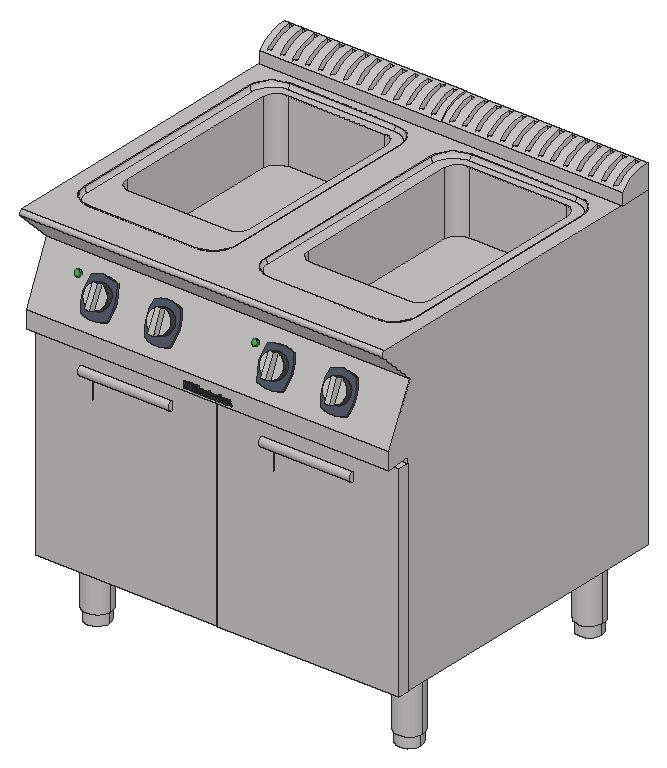
Revit family "QF_ELECTROLUXPROFESSIONAL_371353_E7OOBDBAME", category Specialty Equipment, Revit 2018 (continued)
Automatic sketch dimensions
  Extrusion 31 sketch curve to plane 1 "BACK" = 6.761 mm
  Extrusion 31 sketch curve to plane 7 "Center Y" = 182.405 mm
  Extrusion 31 sketch curve to Extrusion 31 sketch curve = 9.296 mm
  Extrusion 31 sketch curve to Extrusion 31 sketch curve = 57.15 mm
  Extrusion 32 sketch curve to plane 1 "BACK" = 6.761 mm
  Extrusion 32 sketch curve to plane 7 "Center Y" = 154.563 mm
  Extrusion 32 sketch curve to Extrusion 32 sketch curve = 9.296 mm
  Extrusion 32 sketch curve to Extrusion 32 sketch curve = 57.15 mm
  Extrusion 33 sketch curve to plane 1 "BACK" = 6.761 mm
  Extrusion 33 sketch curve to plane 7 "Center Y" = 126.721 mm
  Extrusion 33 sketch curve to Extrusion 33 sketch curve = 9.296 mm
  Extrusion 33 sketch curve to Extrusion 33 sketch curve = 57.15 mm
  Extrusion 34 sketch curve to plane 1 "BACK" = 6.761 mm
  Extrusion 34 sketch curve to plane 7 "Center Y" = 98.878 mm
  Extrusion 34 sketch curve to Extrusion 34 sketch curve = 9.296 mm
  Extrusion 34 sketch curve to Extrusion 34 sketch curve = 57.15 mm
  Extrusion 35 sketch curve to plane 1 "BACK" = 6.761 mm
  Extrusion 35 sketch curve to plane 7 "Center Y" = 71.036 mm
  Extrusion 35 sketch curve to Extrusion 35 sketch curve = 9.296 mm
  Extrusion 35 sketch curve to Extrusion 35 sketch curve = 57.15 mm
  Extrusion 36 sketch curve to plane 1 "BACK" = 6.761 mm
  Extrusion 36 sketch curve to plane 7 "Center Y" = 43.194 mm
  Extrusion 36 sketch curve to Extrusion 36 sketch curve = 9.296 mm
  Extrusion 36 sketch curve to Extrusion 36 sketch curve = 57.15 mm
  plane 1 "BACK" to Extrusion 37 sketch curve = 0 mm
  plane 7 "Center Y" to Extrusion 37 sketch curve = 1.587 mm
  Extrusion 37 sketch curve to plane 7 "Center Y" = 1.588 mm
  Extrusion 37 sketch curve to plane 1 "BACK" = 69.85 mm
  Extrusion 39 sketch curve to plane 5 "FRONT" = 42.863 mm
  Extrusion 39 sketch curve to Extrusion 39 sketch curve = 15 mm
  Extrusion 39 sketch curve to plane 9 "BASE" = 101.212 mm
  Extrusion 39 sketch curve to Extrusion 39 sketch curve = 41.212 mm
  Extrusion 40 sketch curve to plane 5 "FRONT" = 42.863 mm
  Extrusion 40 sketch curve to plane 9 "BASE" = 60 mm
  Extrusion 40 sketch curve to Extrusion 40 sketch curve = 10 mm
  Extrusion 41 sketch curve to plane 5 "FRONT" = 42.863 mm
  Extrusion 41 sketch curve to Extrusion 41 sketch curve = 15 mm
  Extrusion 41 sketch curve to plane 9 "BASE" = 60 mm
  Extrusion 41 sketch curve to Extrusion 41 sketch curve = 41.212 mm
  Extrusion 42 sketch curve to plane 5 "FRONT" = 42.863 mm
  Extrusion 42 sketch curve to plane 9 "BASE" = 40 mm
  Extrusion 42 sketch curve to Extrusion 42 sketch curve = 10 mm
  Revolve 43 sketch curve to level = 0 mm
  Revolve 43 sketch curve to plane 14 = 0 mm  (x2)
  level to Revolve 43 sketch curve = 25 mm
  Revolve 43 sketch curve to Revolve 43 sketch curve = 20 mm
  plane 3 "LEFT" to Revolve 43 sketch curve = 56 mm
  Revolve 43 sketch curve to Revolve 43 sketch curve = 0 mm
  plane 3 "LEFT" to Revolve 43 sketch curve = 29.75 mm
  plane 3 "LEFT" to Revolve 43 sketch curve = 26 mm
  Revolve 44 sketch curve to level = 0 mm
  Revolve 44 sketch curve to plane 14 = 0 mm  (x2)
  level to Revolve 44 sketch curve = 25 mm
  Revolve 44 sketch curve to Revolve 44 sketch curve = 20 mm
  plane 3 "LEFT" to Revolve 44 sketch curve = 56 mm
  Revolve 44 sketch curve to Revolve 44 sketch curve = 0 mm
  plane 3 "LEFT" to Revolve 44 sketch curve = 29.75 mm
  plane 3 "LEFT" to Revolve 44 sketch curve = 26 mm
  Sweep 50 sketch curve to plane 11 = 2.62 mm  (x2)
  Sweep 50 sketch curve to plane 7 "Center Y" = 33.337 mm
  plane 11 to Sweep 50 sketch curve = 47.38 mm
  Sweep 50 sketch curve to plane 12 = 57.513 mm
  Sweep 50 sketch curve to Sweep 50 sketch curve = 50 mm  (x2)
  plane 3 "LEFT" to Sweep 50 sketch curve = 83.338 mm
  profile plane to Sweep 50 sketch curve = 0 mm
  Sweep 50 sketch curve to plane 10 "TOP A" = 0 mm
  Sweep 50 sketch curve to profile plane = 5.055 mm
  Sweep 50 sketch curve to profile plane = 14.151 mm
  Extrusion 2 sketch curve to plane 10 "TOP A" = 0 mm
  Extrusion 2 sketch curve to plane 1 "BACK" = 0 mm
  Extrusion 2 sketch curve to plane 6 "TOP" = 0 mm
  plane 1 "BACK" to Extrusion 2 sketch curve = 1.769 mm
  plane 10 "TOP A" to Extrusion 2 sketch curve = 25.4 mm
  plane 1 "BACK" to Extrusion 2 sketch curve = 69.85 mm
  Extrusion 3 sketch curve to plane 12 = 7.513 mm  (x3)
  Extrusion 3 sketch curve to plane 4 "RIGHT" = 33.338 mm
  Extrusion 3 sketch curve to plane 12 = 57.513 mm
  Extrusion 3 sketch curve to plane 11 = 2.62 mm  (x3)
  Extrusion 3 sketch curve to Extrusion 3 sketch curve = 50 mm  (x3)
  plane 7 "Center Y" to Extrusion 3 sketch curve = 83.337 mm
  Extrusion 3 sketch curve to plane 7 "Center Y" = 33.337 mm
  plane 11 to Extrusion 3 sketch curve = 47.38 mm
  plane 3 "LEFT" to Extrusion 3 sketch curve = 83.338 mm  (x2)
  Extrusion 5 sketch curve to Extrusion 1 = 31.333 mm  (x8)
  Extrusion 5 sketch curve to Extrusion 5 sketch curve = 12.3 mm  (x12)
  Extrusion 5 sketch curve to Extrusion 5 sketch curve = 34.925 mm  (x6)
  Extrusion 5 sketch curve to Extrusion 5 sketch curve = 0 mm  (x2)
  Extrusion 1 to Extrusion 5 sketch curve = 44.467 mm  (x4)
  Extrusion 1 to Extrusion 5 sketch curve = 76.335 mm
  Extrusion 5 sketch curve to Extrusion 5 sketch curve = 25.727 mm  (x8)
  Extrusion 5 sketch curve to Extrusion 5 sketch curve = 28.575 mm  (x4)
  Extrusion 5 sketch curve to Extrusion 5 sketch curve = 31.396 mm  (x2)
  Extrusion 5 sketch curve to Extrusion 5 sketch curve = 140.219 mm
  Extrusion 6 sketch curve to Extrusion 6 sketch curve = 0 mm  (x3)
  Extrusion 6 sketch curve to Extrusion 6 sketch curve = 140 mm
  Extrusion 6 sketch curve to Extrusion 6 sketch curve = 248.937 mm
  Extrusion 6 sketch curve to Extrusion 6 sketch curve = 139.885 mm
  Extrusion 7 sketch curve to Extrusion 7 sketch curve = 24.732 mm  (x4)
  Extrusion 7 sketch curve to Extrusion 7 sketch curve = 0 mm  (x4)
  Extrusion 1 to Extrusion 8 sketch curve = 39.678 mm  (x2)
  Extrusion 1 to Extrusion 8 sketch curve = 324.515 mm
  Extrusion 1 to Extrusion 8 sketch curve = 83.473 mm
  plane 1 "BACK" to Extrusion 9 sketch curve = 0 mm
  Extrusion 9 sketch curve to plane 3 "LEFT" = 0 mm
  Extrusion 9 sketch curve to plane 4 "RIGHT" = 0 mm
  Extrusion 9 sketch curve to plane 3 "LEFT" = 150.019 mm
  plane 5 "FRONT" to Extrusion 9 sketch curve = 1.377 mm  (x2)
  plane 4 "RIGHT" to Extrusion 9 sketch curve = 150.019 mm
  Extrusion 9 sketch curve to plane 1 "BACK" = 150.019 mm
  curve 129 to curve 151 = 0 mm  (x2)
  curve 131 to curve 145 = 0 mm
  curve 133 to curve 147 = 0 mm  (x2)
  curve 135 to curve 149 = 0 mm  (x2)
  curve 153 to curve 175 = 0 mm  (x2)
  curve 155 to curve 169 = 0 mm  (x2)
  curve 157 to curve 171 = 0 mm
  curve 159 to curve 173 = 0 mm  (x2)
  curve 98 to plane 4 "RIGHT" = 0 mm
  curve 7 to plane 4 "RIGHT" = 0 mm
  plane 5 "FRONT" to curve 99 = 0 mm
  plane 1 "BACK" to curve 93 = 0 mm
  curve 5 to plane 3 "LEFT" = 0 mm
  curve 96 to plane 3 "LEFT" = 0 mm
  plane 4 "RIGHT" to curve 3 = 150.019 mm
  curve 52 to plane 4 "RIGHT" = 13.453 mm
  curve 52 to curve 51 = 9.296 mm
  curve 157 to plane 11 = 2.62 mm
  curve 157 to plane 4 "RIGHT" = 33.338 mm
  curve 156 to curve 170 = 5.055 mm
  curve 51 to curve 58 = 18.547 mm
  curve 58 to curve 57 = 9.296 mm
  curve 165 to plane 4 "RIGHT" = 63.338 mm
  plane 1 "BACK" to curve 62 = 6.761 mm
  curve 57 to curve 62 = 18.547 mm
  curve 99 to plane 4 "RIGHT" = 74.24 mm
  curve 170 to curve 157 = 44.945 mm
  curve 60 to curve 155 = 4.904 mm
  curve 169 to curve 160 = 10 mm
  curve 166 to curve 165 = 30 mm
  plane 1 "BACK" to curve 65 = 6.761 mm
  curve 60 to curve 65 = 18.547 mm
  curve 64 to curve 65 = 9.296 mm
  curve 67 to curve 66 = 9.296 mm
  plane 1 "BACK" to curve 71 = 6.761 mm
  curve 66 to curve 71 = 18.547 mm
  curve 70 to curve 69 = 9.296 mm
  plane 1 "BACK" to curve 74 = 6.761 mm
  curve 69 to curve 74 = 18.547 mm
  curve 73 to curve 74 = 9.296 mm
  curve 76 to curve 75 = 9.296 mm
  plane 1 "BACK" to curve 79 = 6.761 mm
  curve 75 to curve 79 = 18.547 mm
  curve 79 to curve 78 = 9.296 mm
  curve 82 to curve 81 = 9.296 mm
  plane 1 "BACK" to curve 86 = 6.761 mm
  curve 81 to curve 86 = 18.547 mm
  curve 85 to curve 86 = 9.296 mm
  plane 7 "Center Y" to curve 163 = 93.338 mm
  curve 84 to curve 161 = 5.541 mm
  curve 159 to plane 11 = 2.62 mm
  curve 164 to curve 159 = 10 mm
  curve 161 to curve 175 = 10 mm
  plane 1 "BACK" to curve 88 = 6.761 mm
  curve 84 to curve 88 = 18.547 mm
  curve 88 to curve 87 = 9.296 mm
  curve 161 to plane 12 = 7.513 mm
  curve 153 to curve 161 = 20 mm
  plane 7 "Center Y" to curve 99 = 54.971 mm
  plane 1 "BACK" to curve 91 = 6.761 mm
  curve 87 to curve 91 = 18.547 mm
  curve 90 to curve 55 = 18.547 mm
  curve 55 to curve 54 = 9.296 mm
  plane 7 "Center Y" to curve 98 = 3.9 mm
  plane 7 "Center Y" to curve 95 = 1.588 mm
  curve 11 to plane 7 "Center Y" = 1.587 mm
  curve 96 to plane 7 "Center Y" = 3.9 mm
  curve 11 to curve 12 = 13.764 mm
  curve 128 to plane 7 "Center Y" = 33.338 mm
  curve 135 to curve 149 = 5.055 mm
  curve 48 to curve 49 = 9.296 mm
  curve 97 to plane 7 "Center Y" = 54.971 mm
  curve 139 to plane 7 "Center Y" = 63.337 mm
  plane 1 "BACK" to curve 47 = 6.761 mm
  curve 49 to curve 47 = 18.547 mm
  curve 45 to curve 46 = 9.296 mm
  plane 11 to curve 149 = 42.325 mm
  curve 150 to curve 149 = 44.945 mm
  curve 151 to plane 12 = 7.513 mm
  curve 137 to curve 151 = 20 mm
  curve 138 to curve 140 = 30 mm
  curve 129 to curve 137 = 10 mm
  plane 1 "BACK" to curve 42 = 6.761 mm
  curve 46 to curve 42 = 18.547 mm
  curve 42 to curve 43 = 9.296 mm
  curve 39 to curve 40 = 9.296 mm
  curve 40 to curve 36 = 18.547 mm
  plane 1 "BACK" to curve 33 = 6.761 mm
  curve 37 to curve 33 = 18.547 mm
  curve 33 to curve 34 = 9.296 mm
  curve 30 to curve 31 = 9.296 mm
  plane 1 "BACK" to curve 29 = 6.761 mm
  curve 31 to curve 29 = 18.547 mm
  curve 24 to curve 25 = 9.296 mm
  plane 1 "BACK" to curve 23 = 6.761 mm
  curve 25 to curve 23 = 18.547 mm
  curve 21 to curve 23 = 9.296 mm
  plane 3 "LEFT" to curve 140 = 93.338 mm
  curve 22 to curve 143 = 3.642 mm
  curve 133 to plane 11 = 2.62 mm
  curve 140 to curve 133 = 10 mm
  curve 143 to curve 144 = 10 mm
  plane 1 "BACK" to curve 20 = 6.761 mm
  curve 22 to curve 20 = 18.547 mm
  curve 97 to curve 5 = 74.24 mm
  curve 18 to curve 19 = 9.296 mm
  curve 142 to plane 12 = 7.513 mm
  curve 131 to curve 142 = 20 mm
  curve 15 to curve 17 = 9.296 mm
  plane 1 "BACK" to curve 10 = 6.761 mm
  curve 16 to curve 10 = 18.547 mm
  curve 8 to curve 9 = 9.296 mm
  curve 2 to plane 3 "LEFT" = 150.019 mm
  curve 1 to plane 1 "BACK" = 150.019 mm
  plane 1 "BACK" to curve 12 = 6.761 mm
  plane 1 "BACK" to curve 83 = 6.761 mm
  plane 1 "BACK" to curve 15 = 6.761 mm
  plane 1 "BACK" to curve 77 = 6.761 mm
  plane 1 "BACK" to curve 24 = 6.761 mm
  plane 1 "BACK" to curve 68 = 6.761 mm
  plane 1 "BACK" to curve 30 = 6.761 mm
  plane 1 "BACK" to curve 36 = 6.761 mm
  plane 1 "BACK" to curve 59 = 6.761 mm
  plane 1 "BACK" to curve 39 = 6.761 mm
  plane 1 "BACK" to curve 56 = 6.761 mm
  plane 1 "BACK" to curve 53 = 6.761 mm
  plane 1 "BACK" to curve 50 = 6.761 mm
  curve 49 to curve 129 = 26.213 mm
  curve 51 to curve 51 = 57.15 mm
  curve 54 to curve 54 = 57.15 mm
  curve 57 to curve 51 = 0 mm
  curve 60 to curve 57 = 0 mm
  curve 63 to curve 60 = 0 mm
  curve 66 to curve 63 = 0 mm
  curve 69 to curve 66 = 0 mm
  curve 72 to curve 69 = 0 mm
  curve 75 to curve 72 = 0 mm
  curve 78 to curve 75 = 0 mm
  curve 81 to curve 78 = 0 mm
  curve 84 to curve 81 = 0 mm
  curve 91 to curve 87 = 0 mm
  curve 52 to curve 95 = 5.939 mm
  curve 94 to curve 93 = 0 mm
  curve 154 to curve 160 = 20 mm
  curve 163 to curve 159 = 80 mm
  curve 142 to curve 133 = 80 mm
  curve 98 to plane 5 "FRONT" = 42.863 mm
  curve 96 to plane 5 "FRONT" = 42.863 mm
  plane 5 "FRONT" to curve 3 = 1.377 mm
  plane 5 "FRONT" to curve 1 = 1.377 mm
  Extrusion 23 sketch curve to plane 1 "BACK" = 6.761 mm
  plane 4 "RIGHT" to Extrusion 23 sketch curve = 22.749 mm
  Extrusion 23 sketch curve to Extrusion 23 sketch curve = 9.296 mm
  Extrusion 23 sketch curve to Extrusion 23 sketch curve = 57.15 mm
  Extrusion 25 sketch curve to plane 1 "BACK" = 6.761 mm
  plane 4 "RIGHT" to Extrusion 25 sketch curve = 50.591 mm
  Extrusion 25 sketch curve to Extrusion 25 sketch curve = 9.296 mm
  Extrusion 25 sketch curve to Extrusion 25 sketch curve = 57.15 mm
  Extrusion 26 sketch curve to plane 1 "BACK" = 6.761 mm
  plane 4 "RIGHT" to Extrusion 26 sketch curve = 78.433 mm
  Extrusion 26 sketch curve to Extrusion 26 sketch curve = 9.296 mm
  Extrusion 26 sketch curve to Extrusion 26 sketch curve = 57.15 mm
  Extrusion 27 sketch curve to plane 1 "BACK" = 6.761 mm
  plane 4 "RIGHT" to Extrusion 27 sketch curve = 106.275 mm
  Extrusion 27 sketch curve to Extrusion 27 sketch curve = 9.296 mm
  Extrusion 27 sketch curve to Extrusion 27 sketch curve = 57.15 mm
  Extrusion 28 sketch curve to plane 1 "BACK" = 6.761 mm
  plane 4 "RIGHT" to Extrusion 28 sketch curve = 134.118 mm
  Extrusion 28 sketch curve to Extrusion 28 sketch curve = 9.296 mm
  Extrusion 28 sketch curve to Extrusion 28 sketch curve = 57.15 mm
  Extrusion 29 sketch curve to plane 1 "BACK" = 6.761 mm
  plane 4 "RIGHT" to Extrusion 29 sketch curve = 161.96 mm
  Extrusion 29 sketch curve to Extrusion 29 sketch curve = 9.296 mm
  Extrusion 29 sketch curve to Extrusion 29 sketch curve = 57.15 mm
  Extrusion 30 sketch curve to plane 1 "BACK" = 6.761 mm
  plane 4 "RIGHT" to Extrusion 30 sketch curve = 189.802 mm
  Extrusion 30 sketch curve to Extrusion 30 sketch curve = 9.296 mm
  Extrusion 30 sketch curve to Extrusion 30 sketch curve = 57.15 mm
  Extrusion 38 sketch curve to Extrusion 1 = 0 mm
  Extrusion 1 to Extrusion 38 sketch curve = 12.7 mm
  Extrusion 1 to Extrusion 38 sketch curve = 398.463 mm
  Extrusion 38 sketch curve to Extrusion 38 sketch curve = 3.175 mm
  Revolve 45 sketch curve to level = 0 mm
  Revolve 45 sketch curve to plane 14 = 0 mm  (x2)
  level to Revolve 45 sketch curve = 25 mm
  Revolve 45 sketch curve to Revolve 45 sketch curve = 20 mm
  Revolve 45 sketch curve to plane 4 "RIGHT" = 26 mm
  Revolve 45 sketch curve to Revolve 45 sketch curve = 3.75 mm
  Revolve 45 sketch curve to Revolve 45 sketch curve = 30 mm
  Revolve 45 sketch curve to Revolve 45 sketch curve = 0 mm
  Revolve 46 sketch curve to level = 0 mm
  Revolve 46 sketch curve to plane 14 = 0 mm  (x2)
  level to Revolve 46 sketch curve = 25 mm
  Revolve 46 sketch curve to Revolve 46 sketch curve = 20 mm
  Revolve 46 sketch curve to plane 4 "RIGHT" = 26 mm
  Revolve 46 sketch curve to Revolve 46 sketch curve = 3.75 mm
  Revolve 46 sketch curve to Revolve 46 sketch curve = 30 mm
  Revolve 46 sketch curve to Revolve 46 sketch curve = 0 mm
  Extrusion 47 sketch curve to plane 4 "RIGHT" = 0 mm
  Extrusion 47 sketch curve to plane 3 "LEFT" = 0 mm
  plane 7 "Center Y" to Extrusion 47 sketch curve = 1.588 mm
  Extrusion 47 sketch curve to plane 7 "Center Y" = 1.588 mm
  Extrusion 47 sketch curve to plane 5 "FRONT" = 42.863 mm  (x2)
  Extrusion 49 sketch curve to plane 11 = 2.62 mm  (x2)
  Extrusion 49 sketch curve to plane 4 "RIGHT" = 33.338 mm
  Extrusion 49 sketch curve to plane 4 "RIGHT" = 63.338 mm
  Extrusion 49 sketch curve to plane 12 = 7.513 mm  (x6)
  Extrusion 49 sketch curve to Extrusion 49 sketch curve = 20 mm  (x2)
  plane 11 to Extrusion 49 sketch curve = 47.38 mm  (x2)
  Extrusion 49 sketch curve to Extrusion 49 sketch curve = 30 mm  (x4)
  Extrusion 49 sketch curve to Extrusion 49 sketch curve = 10 mm  (x4)
  plane 7 "Center Y" to Extrusion 49 sketch curve = 93.337 mm  (x2)
  Extrusion 49 sketch curve to plane 12 = 37.513 mm
  plane 7 "Center Y" to Extrusion 49 sketch curve = 83.337 mm
  Extrusion 49 sketch curve to plane 7 "Center Y" = 33.338 mm
  Extrusion 49 sketch curve to Extrusion 49 sketch curve = 50 mm
  plane 3 "LEFT" to Extrusion 49 sketch curve = 93.338 mm
  plane 3 "LEFT" to Extrusion 49 sketch curve = 83.338 mm
  Extrusion 49 sketch curve to Extrusion 49 sketch curve = 80 mm  (x2)
  Sweep 51 sketch curve to plane 11 = 2.62 mm  (x2)
  plane 7 "Center Y" to Sweep 51 sketch curve = 33.337 mm
  plane 11 to Sweep 51 sketch curve = 47.38 mm
  Sweep 51 sketch curve to plane 12 = 57.513 mm
  Sweep 51 sketch curve to Sweep 51 sketch curve = 50 mm  (x2)
  Sweep 51 sketch curve to plane 4 "RIGHT" = 83.338 mm
  Sweep 51 sketch curve to plane 10 "TOP A" = 0 mm
  profile plane to Sweep 51 sketch curve = 0 mm
  Sweep 51 sketch curve to Sweep 51 sketch curve = 5.055 mm
  Sweep 51 sketch curve to Sweep 51 sketch curve = 14.151 mm
  curve 61 to curve 60 = 9.296 mm
  curve 63 to curve 67 = 18.547 mm
  curve 72 to curve 77 = 18.547 mm
  curve 78 to curve 82 = 18.547 mm
  curve 91 to curve 92 = 9.296 mm
  curve 12 to curve 13 = 9.296 mm
  curve 13 to curve 50 = 18.547 mm
  curve 43 to curve 39 = 18.547 mm
  curve 36 to curve 37 = 9.296 mm
  curve 34 to curve 32 = 18.547 mm
  curve 27 to curve 28 = 9.296 mm
  curve 28 to curve 24 = 18.547 mm
  curve 19 to curve 15 = 18.547 mm
  curve 60 to curve 61 = 0 mm
  curve 57 to curve 58 = 0 mm
  curve 63 to curve 64 = 0 mm
  curve 54 to curve 55 = 0 mm
  curve 51 to curve 52 = 0 mm
  curve 66 to curve 67 = 0 mm
  curve 49 to curve 48 = 0 mm
  curve 46 to curve 129 = 26.213 mm
  curve 69 to curve 70 = 0 mm
  curve 46 to curve 45 = 0 mm
  curve 43 to curve 46 = 0 mm
  curve 43 to curve 42 = 0 mm
  curve 40 to curve 43 = 0 mm
  curve 72 to curve 73 = 0 mm
  curve 40 to curve 39 = 0 mm
  curve 37 to curve 40 = 0 mm
  curve 37 to curve 36 = 0 mm
  curve 34 to curve 37 = 0 mm
  curve 75 to curve 76 = 0 mm
  curve 34 to curve 33 = 0 mm
  curve 31 to curve 34 = 0 mm
  curve 31 to curve 30 = 0 mm
  curve 28 to curve 31 = 0 mm
  curve 78 to curve 79 = 0 mm
  curve 28 to curve 27 = 0 mm
  curve 25 to curve 28 = 0 mm
  curve 25 to curve 24 = 0 mm
  curve 22 to curve 25 = 0 mm
  curve 81 to curve 82 = 0 mm
  curve 22 to curve 21 = 0 mm
  curve 19 to curve 22 = 0 mm
  curve 19 to curve 18 = 0 mm
  curve 16 to curve 19 = 0 mm
  curve 84 to curve 85 = 0 mm
  curve 16 to curve 15 = 0 mm
  curve 48 to curve 13 = 0 mm
  curve 13 to curve 12 = 0 mm
  curve 55 to curve 91 = 0 mm
  curve 87 to curve 88 = 0 mm
  curve 90 to curve 91 = 0 mm
  curve 9 to curve 11 = 5.939 mm
  curve 9 to curve 8 = 0 mm
  plane 9 "BASE" to Extrusion 52 sketch curve = 9.251 mm
  plane 9 "BASE" to Extrusion 52 sketch curve = 14.292 mm
  plane 7 "Center Y" to Extrusion 52 sketch curve = 5.651 mm
  plane 9 "BASE" to Extrusion 52 sketch curve = 14.311 mm
  Extrusion 52 sketch curve to Extrusion 52 sketch curve = 0 mm  (x28)
  Extrusion 52 sketch curve to Extrusion 52 sketch curve = 5.108 mm  (x2)
  Extrusion 52 sketch curve to Extrusion 52 sketch curve = 0.054 mm
  Extrusion 52 sketch curve to Extrusion 52 sketch curve = 0.218 mm
  Extrusion 52 sketch curve to Extrusion 52 sketch curve = 0.195 mm
  Extrusion 52 sketch curve to Extrusion 52 sketch curve = 0.249 mm
  plane 9 "BASE" to Extrusion 52 sketch curve = 14.608 mm
  Extrusion 52 sketch curve to Extrusion 52 sketch curve = 0.087 mm
  Extrusion 52 sketch curve to Extrusion 52 sketch curve = 0.358 mm
  Extrusion 52 sketch curve to Extrusion 52 sketch curve = 0.481 mm
  Extrusion 52 sketch curve to Extrusion 52 sketch curve = 0.597 mm
  Extrusion 52 sketch curve to Extrusion 52 sketch curve = 0.544 mm
  Extrusion 52 sketch curve to Extrusion 52 sketch curve = 0.936 mm
  Extrusion 52 sketch curve to Extrusion 52 sketch curve = 0.594 mm
  Extrusion 52 sketch curve to Extrusion 52 sketch curve = 0.343 mm
  Extrusion 52 sketch curve to Extrusion 52 sketch curve = 0.159 mm
  Extrusion 52 sketch curve to Extrusion 52 sketch curve = 0.826 mm
  Extrusion 52 sketch curve to Extrusion 52 sketch curve = 0.839 mm
  Extrusion 52 sketch curve to Extrusion 52 sketch curve = 0.852 mm
  Extrusion 52 sketch curve to Extrusion 52 sketch curve = 0.887 mm
  Extrusion 52 sketch curve to Extrusion 52 sketch curve = 0.928 mm
  Extrusion 52 sketch curve to Extrusion 52 sketch curve = 0.938 mm
  Extrusion 52 sketch curve to Extrusion 52 sketch curve = 0.444 mm
  Extrusion 52 sketch curve to Extrusion 52 sketch curve = 1.11 mm  (x3)
  Extrusion 52 sketch curve to Extrusion 52 sketch curve = 0.215 mm
  plane 7 "Center Y" to Extrusion 52 sketch curve = 0.014 mm
  Extrusion 52 sketch curve to Extrusion 52 sketch curve = 1.43 mm
  Extrusion 52 sketch curve to Extrusion 52 sketch curve = 1.188 mm
  Extrusion 52 sketch curve to Extrusion 52 sketch curve = 1.21 mm  (x2)
  Extrusion 52 sketch curve to Extrusion 52 sketch curve = 0.503 mm
  Extrusion 52 sketch curve to Extrusion 52 sketch curve = 0.488 mm
  Extrusion 52 sketch curve to Extrusion 52 sketch curve = 0.462 mm
  Extrusion 52 sketch curve to Extrusion 52 sketch curve = 1.386 mm
  Extrusion 52 sketch curve to Extrusion 52 sketch curve = 1.742 mm  (x2)
  Extrusion 52 sketch curve to Extrusion 52 sketch curve = 0.821 mm
  Extrusion 52 sketch curve to Extrusion 52 sketch curve = 0.497 mm
  Extrusion 52 sketch curve to Extrusion 52 sketch curve = 0.539 mm
  Extrusion 52 sketch curve to Extrusion 52 sketch curve = 0.686 mm
  Extrusion 52 sketch curve to plane 7 "Center Y" = 0.36 mm
  Extrusion 52 sketch curve to Extrusion 52 sketch curve = 0.408 mm
  Extrusion 52 sketch curve to Extrusion 52 sketch curve = 0.743 mm
  Extrusion 52 sketch curve to Extrusion 52 sketch curve = 1.16 mm
  Extrusion 52 sketch curve to Extrusion 52 sketch curve = 0.329 mm
  Extrusion 52 sketch curve to Extrusion 52 sketch curve = 1.054 mm
  Extrusion 52 sketch curve to Extrusion 52 sketch curve = 1.056 mm
  Extrusion 52 sketch curve to Extrusion 52 sketch curve = 0.129 mm
  Extrusion 52 sketch curve to Extrusion 52 sketch curve = 0.489 mm
  Extrusion 52 sketch curve to Extrusion 52 sketch curve = 0.441 mm
  Extrusion 52 sketch curve to Extrusion 52 sketch curve = 1.151 mm
  Extrusion 52 sketch curve to Extrusion 52 sketch curve = 1.141 mm  (x2)
  Extrusion 52 sketch curve to Extrusion 52 sketch curve = 0.768 mm
  Extrusion 52 sketch curve to Extrusion 52 sketch curve = 1.653 mm
  Extrusion 52 sketch curve to Extrusion 52 sketch curve = 0.499 mm
  Extrusion 52 sketch curve to Extrusion 52 sketch curve = 0.964 mm
  Extrusion 52 sketch curve to Extrusion 52 sketch curve = 0.949 mm
  Extrusion 52 sketch curve to Extrusion 52 sketch curve = 1.345 mm  (x2)
  Extrusion 52 sketch curve to Extrusion 52 sketch curve = 0.137 mm  (x2)
  Extrusion 52 sketch curve to Extrusion 52 sketch curve = 0.432 mm
  Extrusion 52 sketch curve to Extrusion 52 sketch curve = 1.142 mm
  Extrusion 52 sketch curve to Extrusion 52 sketch curve = 0.959 mm
  Extrusion 52 sketch curve to Extrusion 52 sketch curve = 0.176 mm
  Extrusion 52 sketch curve to Extrusion 52 sketch curve = 0.728 mm
  Extrusion 52 sketch curve to Extrusion 52 sketch curve = 3.375 mm  (x2)
  Extrusion 52 sketch curve to Extrusion 52 sketch curve = 1.905 mm
  Extrusion 52 sketch curve to Extrusion 52 sketch curve = 0.955 mm
  Extrusion 52 sketch curve to Extrusion 52 sketch curve = 1.251 mm
  Extrusion 52 sketch curve to Extrusion 52 sketch curve = 0.572 mm
  Extrusion 52 sketch curve to Extrusion 52 sketch curve = 1.92 mm
  Extrusion 52 sketch curve to Extrusion 52 sketch curve = 1.224 mm
  Extrusion 52 sketch curve to Extrusion 52 sketch curve = 0.745 mm
  Extrusion 52 sketch curve to Extrusion 52 sketch curve = 0.036 mm
  Extrusion 52 sketch curve to Extrusion 52 sketch curve = 0.896 mm  (x3)
  Extrusion 52 sketch curve to Extrusion 52 sketch curve = 2.607 mm
  Extrusion 52 sketch curve to Extrusion 52 sketch curve = 0.066 mm
  Extrusion 52 sketch curve to Extrusion 52 sketch curve = 0.248 mm
  Extrusion 52 sketch curve to Extrusion 52 sketch curve = 0.449 mm
  Extrusion 52 sketch curve to Extrusion 52 sketch curve = 1.052 mm
  Extrusion 52 sketch curve to Extrusion 52 sketch curve = 1.863 mm
  Extrusion 52 sketch curve to Extrusion 52 sketch curve = 1.31 mm  (x2)
  Extrusion 52 sketch curve to Extrusion 52 sketch curve = 0.901 mm
  Extrusion 52 sketch curve to Extrusion 52 sketch curve = 1.107 mm
  Extrusion 52 sketch curve to Extrusion 52 sketch curve = 2.122 mm
  Extrusion 52 sketch curve to Extrusion 52 sketch curve = 2.101 mm
  Extrusion 52 sketch curve to Extrusion 52 sketch curve = 0.106 mm
  Extrusion 52 sketch curve to Extrusion 52 sketch curve = 0.029 mm
  Extrusion 52 sketch curve to Extrusion 52 sketch curve = 2.09 mm
  Extrusion 52 sketch curve to Extrusion 52 sketch curve = 1.279 mm
  Extrusion 52 sketch curve to Extrusion 52 sketch curve = 2.008 mm
  Extrusion 52 sketch curve to Extrusion 52 sketch curve = 0.738 mm
  Extrusion 52 sketch curve to Extrusion 52 sketch curve = 0.382 mm
  Extrusion 52 sketch curve to Extrusion 52 sketch curve = 0.384 mm
  Extrusion 52 sketch curve to Extrusion 52 sketch curve = 0.002 mm
  Extrusion 52 sketch curve to Extrusion 52 sketch curve = 0.561 mm
  Extrusion 52 sketch curve to Extrusion 52 sketch curve = 0.592 mm
  Extrusion 52 sketch curve to Extrusion 52 sketch curve = 2.692 mm
  Extrusion 52 sketch curve to Extrusion 52 sketch curve = 1.259 mm
  Extrusion 52 sketch curve to Extrusion 52 sketch curve = 0.802 mm
  Extrusion 52 sketch curve to Extrusion 52 sketch curve = 1.024 mm  (x2)
  Extrusion 52 sketch curve to Extrusion 52 sketch curve = 0.682 mm
  Extrusion 52 sketch curve to Extrusion 52 sketch curve = 5.934 mm
  Extrusion 52 sketch curve to Extrusion 52 sketch curve = 2.186 mm
  Extrusion 52 sketch curve to Extrusion 52 sketch curve = 0.337 mm
  Extrusion 52 sketch curve to Extrusion 52 sketch curve = 0.021 mm
  Extrusion 52 sketch curve to Extrusion 52 sketch curve = 1.005 mm
  Extrusion 52 sketch curve to Extrusion 52 sketch curve = 0.552 mm
  Extrusion 52 sketch curve to Extrusion 52 sketch curve = 0.778 mm
  Extrusion 52 sketch curve to Extrusion 52 sketch curve = 0.063 mm
  Extrusion 52 sketch curve to Extrusion 52 sketch curve = 1.023 mm
  Extrusion 52 sketch curve to Extrusion 52 sketch curve = 3.804 mm
  Extrusion 52 sketch curve to Extrusion 52 sketch curve = 0.486 mm
  Extrusion 52 sketch curve to Extrusion 52 sketch curve = 0.266 mm  (x2)
  Extrusion 52 sketch curve to plane 7 "Center Y" = 1.105 mm
  Extrusion 52 sketch curve to Extrusion 52 sketch curve = 1.547 mm
  Extrusion 52 sketch curve to Extrusion 52 sketch curve = 0.717 mm  (x2)
  Extrusion 52 sketch curve to Extrusion 52 sketch curve = 1.667 mm
  Extrusion 52 sketch curve to Extrusion 52 sketch curve = 3.174 mm
  plane 7 "Center Y" to Extrusion 52 sketch curve = 0.05 mm
  Extrusion 52 sketch curve to Extrusion 52 sketch curve = 0.388 mm
  Extrusion 52 sketch curve to Extrusion 52 sketch curve = 1.342 mm
  Extrusion 52 sketch curve to Extrusion 52 sketch curve = 1.521 mm
  Extrusion 52 sketch curve to Extrusion 52 sketch curve = 0.124 mm
  Extrusion 52 sketch curve to Extrusion 52 sketch curve = 0.291 mm
  plane 7 "Center Y" to Extrusion 52 sketch curve = 6.967 mm
  Extrusion 52 sketch curve to Extrusion 52 sketch curve = 1.049 mm  (x2)
  Extrusion 52 sketch curve to Extrusion 52 sketch curve = 1.7 mm
  Extrusion 52 sketch curve to Extrusion 52 sketch curve = 0.894 mm
  Extrusion 52 sketch curve to Extrusion 52 sketch curve = 0.989 mm
  Extrusion 52 sketch curve to Extrusion 52 sketch curve = 1.168 mm
  Extrusion 52 sketch curve to Extrusion 52 sketch curve = 1.594 mm
  Extrusion 52 sketch curve to Extrusion 52 sketch curve = 0.731 mm
  Extrusion 52 sketch curve to Extrusion 52 sketch curve = 1.566 mm
  Extrusion 52 sketch curve to Extrusion 52 sketch curve = 0.064 mm
  plane 7 "Center Y" to Extrusion 52 sketch curve = 7.523 mm
  Extrusion 52 sketch curve to Extrusion 52 sketch curve = 0.556 mm  (x2)
  Extrusion 52 sketch curve to Extrusion 52 sketch curve = 0.48 mm
  Extrusion 52 sketch curve to Extrusion 52 sketch curve = 1.018 mm
  Extrusion 52 sketch curve to Extrusion 52 sketch curve = 0.787 mm
  Extrusion 52 sketch curve to Extrusion 52 sketch curve = 0.618 mm
  Extrusion 52 sketch curve to Extrusion 52 sketch curve = 1.672 mm
  Extrusion 52 sketch curve to Extrusion 52 sketch curve = 1.361 mm
  Extrusion 52 sketch curve to Extrusion 52 sketch curve = 0.822 mm
  Extrusion 52 sketch curve to Extrusion 52 sketch curve = 0.069 mm
  Extrusion 52 sketch curve to Extrusion 52 sketch curve = 1.88 mm
  Extrusion 52 sketch curve to Extrusion 52 sketch curve = 0.42 mm
  Extrusion 52 sketch curve to Extrusion 52 sketch curve = 0.062 mm
  Extrusion 52 sketch curve to Extrusion 52 sketch curve = 1.355 mm
  Extrusion 52 sketch curve to Extrusion 52 sketch curve = 2.34 mm
  Extrusion 52 sketch curve to Extrusion 52 sketch curve = 0.493 mm
  Extrusion 52 sketch curve to Extrusion 52 sketch curve = 0.136 mm
  Extrusion 52 sketch curve to Extrusion 52 sketch curve = 0.128 mm
  Extrusion 52 sketch curve to Extrusion 52 sketch curve = 3.616 mm
  Extrusion 52 sketch curve to Extrusion 52 sketch curve = 4.207 mm
  Extrusion 52 sketch curve to Extrusion 52 sketch curve = 0.183 mm
  Extrusion 52 sketch curve to Extrusion 52 sketch curve = 0.895 mm
  Extrusion 52 sketch curve to Extrusion 52 sketch curve = 1.314 mm
  Extrusion 52 sketch curve to Extrusion 52 sketch curve = 3.231 mm
  Extrusion 52 sketch curve to Extrusion 52 sketch curve = 1.299 mm
  Extrusion 52 sketch curve to Extrusion 52 sketch curve = 1.214 mm
  Extrusion 52 sketch curve to Extrusion 52 sketch curve = 1.264 mm
  Extrusion 52 sketch curve to Extrusion 52 sketch curve = 0.109 mm
  Extrusion 52 sketch curve to Extrusion 52 sketch curve = 0.357 mm
  Extrusion 52 sketch curve to Extrusion 52 sketch curve = 0.565 mm
  Extrusion 52 sketch curve to Extrusion 52 sketch curve = 2.504 mm
  Extrusion 52 sketch curve to Extrusion 52 sketch curve = 2.459 mm
  Extrusion 52 sketch curve to Extrusion 52 sketch curve = 1.322 mm
  Extrusion 52 sketch curve to Extrusion 52 sketch curve = 2.77 mm
  Extrusion 52 sketch curve to Extrusion 52 sketch curve = 2.51 mm
  Extrusion 52 sketch curve to Extrusion 52 sketch curve = 0.187 mm
  Extrusion 52 sketch curve to Extrusion 52 sketch curve = 2.559 mm
  Extrusion 52 sketch curve to Extrusion 52 sketch curve = 1.556 mm
  Extrusion 52 sketch curve to Extrusion 52 sketch curve = 0.222 mm
  Extrusion 52 sketch curve to Extrusion 52 sketch curve = 1.383 mm
  Extrusion 52 sketch curve to Extrusion 52 sketch curve = 3.114 mm
  Extrusion 52 sketch curve to Extrusion 52 sketch curve = 3.376 mm
  Extrusion 52 sketch curve to Extrusion 52 sketch curve = 0.934 mm
  Extrusion 52 sketch curve to Extrusion 52 sketch curve = 0.191 mm
  Extrusion 52 sketch curve to Extrusion 52 sketch curve = 3.696 mm
  Extrusion 52 sketch curve to Extrusion 52 sketch curve = 2.708 mm
  Extrusion 52 sketch curve to Extrusion 52 sketch curve = 3.333 mm
  Extrusion 52 sketch curve to Extrusion 52 sketch curve = 0.332 mm
  Extrusion 52 sketch curve to Extrusion 52 sketch curve = 1.087 mm
  Extrusion 52 sketch curve to Extrusion 52 sketch curve = 2.23 mm
  Extrusion 52 sketch curve to Extrusion 52 sketch curve = 2.757 mm
  Extrusion 52 sketch curve to Extrusion 52 sketch curve = 0.987 mm
  Extrusion 52 sketch curve to Extrusion 52 sketch curve = 1.529 mm
  Extrusion 52 sketch curve to Extrusion 52 sketch curve = 1.796 mm
  Extrusion 52 sketch curve to Extrusion 52 sketch curve = 2.859 mm
  Extrusion 52 sketch curve to Extrusion 52 sketch curve = 0.853 mm
  Extrusion 52 sketch curve to Extrusion 52 sketch curve = 1.241 mm
  Extrusion 52 sketch curve to Extrusion 52 sketch curve = 2.046 mm  (x2)
  Extrusion 52 sketch curve to Extrusion 52 sketch curve = 2.422 mm
  Extrusion 52 sketch curve to Extrusion 52 sketch curve = 0.27 mm
  Extrusion 52 sketch curve to Extrusion 52 sketch curve = 0.69 mm
  Extrusion 52 sketch curve to Extrusion 52 sketch curve = 0.781 mm  (x2)
  Extrusion 52 sketch curve to Extrusion 52 sketch curve = 3.136 mm
  Extrusion 52 sketch curve to Extrusion 52 sketch curve = 1.767 mm
  Extrusion 52 sketch curve to Extrusion 52 sketch curve = 0.138 mm
  Extrusion 52 sketch curve to Extrusion 52 sketch curve = 0.777 mm
  Extrusion 52 sketch curve to Extrusion 52 sketch curve = 1.19 mm
  Extrusion 52 sketch curve to Extrusion 52 sketch curve = 0.782 mm
  Extrusion 52 sketch curve to Extrusion 52 sketch curve = 1.268 mm
  Extrusion 52 sketch curve to Extrusion 52 sketch curve = 0.422 mm  (x2)
  Extrusion 52 sketch curve to Extrusion 52 sketch curve = 1.559 mm
  Extrusion 52 sketch curve to Extrusion 52 sketch curve = 3.927 mm
  Extrusion 52 sketch curve to Extrusion 52 sketch curve = 0.983 mm
  Extrusion 52 sketch curve to Extrusion 52 sketch curve = 1.134 mm
  Extrusion 52 sketch curve to Extrusion 52 sketch curve = 0.094 mm
  Extrusion 52 sketch curve to Extrusion 52 sketch curve = 1.584 mm
  plane 7 "Center Y" to Extrusion 52 sketch curve = 0.32 mm
  Extrusion 52 sketch curve to Extrusion 52 sketch curve = 0.916 mm
  Extrusion 52 sketch curve to Extrusion 52 sketch curve = 0.352 mm
  Extrusion 52 sketch curve to Extrusion 52 sketch curve = 0.458 mm
  Extrusion 52 sketch curve to Extrusion 52 sketch curve = 1.282 mm
  Extrusion 52 sketch curve to Extrusion 52 sketch curve = 1.363 mm
  Extrusion 52 sketch curve to Extrusion 52 sketch curve = 0.685 mm
  Extrusion 52 sketch curve to Extrusion 52 sketch curve = 0.905 mm
  Extrusion 52 sketch curve to Extrusion 52 sketch curve = 2.865 mm
  Extrusion 52 sketch curve to Extrusion 52 sketch curve = 0.472 mm
  Extrusion 52 sketch curve to Extrusion 52 sketch curve = 0.101 mm
  Extrusion 52 sketch curve to Extrusion 52 sketch curve = 0.54 mm
  Extrusion 52 sketch curve to Extrusion 52 sketch curve = 0.02 mm
  Extrusion 52 sketch curve to Extrusion 52 sketch curve = 0.468 mm
  Extrusion 52 sketch curve to Extrusion 52 sketch curve = 0.829 mm
  Extrusion 52 sketch curve to Extrusion 52 sketch curve = 0.582 mm
  Extrusion 52 sketch curve to Extrusion 52 sketch curve = 0.166 mm
  Extrusion 52 sketch curve to Extrusion 52 sketch curve = 0.16 mm
  Extrusion 52 sketch curve to Extrusion 52 sketch curve = 2.781 mm
  Extrusion 52 sketch curve to Extrusion 52 sketch curve = 1.118 mm
  Extrusion 52 sketch curve to Extrusion 52 sketch curve = 0.613 mm
  Extrusion 52 sketch curve to Extrusion 52 sketch curve = 0.361 mm
  Extrusion 52 sketch curve to Extrusion 52 sketch curve = 0.897 mm
  Extrusion 52 sketch curve to Extrusion 52 sketch curve = 0.167 mm
  Extrusion 52 sketch curve to Extrusion 52 sketch curve = 0.292 mm
  Extrusion 52 sketch curve to Extrusion 52 sketch curve = 0.305 mm
  Extrusion 52 sketch curve to Extrusion 52 sketch curve = 1.557 mm
  Extrusion 52 sketch curve to Extrusion 52 sketch curve = 2.499 mm
  Extrusion 52 sketch curve to Extrusion 52 sketch curve = 3.062 mm
  Extrusion 52 sketch curve to Extrusion 52 sketch curve = 2.968 mm
  Extrusion 52 sketch curve to Extrusion 52 sketch curve = 5.044 mm
  Extrusion 52 sketch curve to Extrusion 52 sketch curve = 0.629 mm  (x2)
  Extrusion 52 sketch curve to Extrusion 52 sketch curve = 1.131 mm
  Extrusion 52 sketch curve to Extrusion 52 sketch curve = 0.027 mm
  Extrusion 52 sketch curve to Extrusion 52 sketch curve = 2.235 mm
  radius of Extrusion 6 sketch curve = 25.4 mm  (x4)
  radius of Extrusion 7 sketch curve to Extrusion 6 = 0 mm  (x8)
  radius of Extrusion 8 sketch curve = 6.35 mm  (x2)
  radius of Extrusion 48 sketch curve = 12.7 mm  (x2)
  radius of Extrusion 48 sketch curve = 6.35 mm
Connectors
  piping at (632, -581, 137.3), diameter 25.4
    settings: on Extrusion 48, index 1, connector inside diameter 1", connector length 0 mm, flow factor 0, pipe flow 0 GPM, pressure drop 0.00 psi, fitting loss kfactor 0, connector angle 0.00°, fixture units 0, engagement length 0 mm, angle of deflection 0.00°, flow configuration 1, flow direction 2, fitting loss method 0, system type 16, joint type 0, gender type 0, connector reference index -1, connector utility 0, adjustable connector no, is connector primary yes, connector description "Drain"
  piping at (735, -501, 137.3), diameter 12.7, driven by "Cold Water Size"
    settings: on Extrusion 48, index 2, connector inside diameter 0.50394", connector length 0 mm, flow factor 0, pipe flow 0 GPM, pressure drop 0.00 psi, fitting loss kfactor 0, connector angle 0.00°, fixture units 0, engagement length 0 mm, angle of deflection 0.00°, flow configuration 1, flow direction 1, fitting loss method 0, system type 20, joint type 0, gender type 0, connector reference index -1, connector utility 0, adjustable connector no, is connector primary no, connector description "Cold Water Inlet"
  electrical at (599, -371, 137.3), driven by "Volts"
    settings: on Extrusion 48, index 3, voltage 380 V, apparent load 12000 VA, apparent load phase1 0 VA, apparent load phase2 0 VA, apparent load phase3 0 VA, power factor 1, load classification "Other", number of poles 1, system type 30, power factor state 1, is connector primary yes, connector utility no, sub classification motor no, connector description "Electrical Connection"
